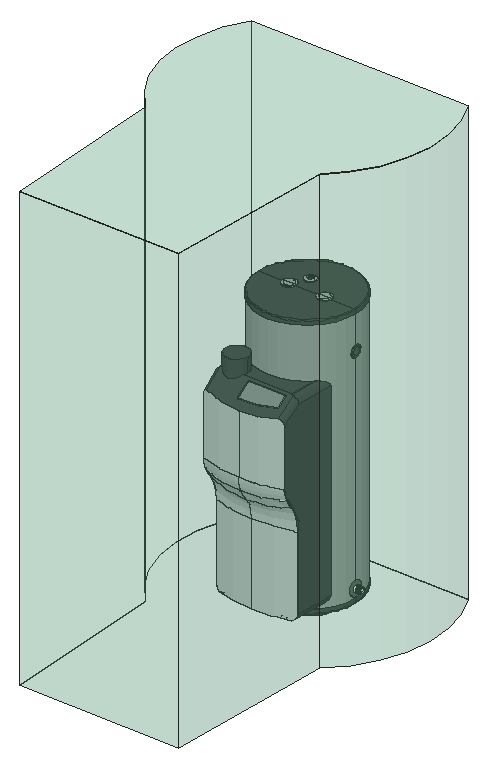
Revit family "Innovo NL_IR 20 160 NL LP", category Mechanical Equipment, Revit 2015
Parameters (values of type "IR-20-160 NL LP")
  Werkruimte Radius = Diameter + 170 mm  # 730 mm
  Werkruimte Hoogte = Hoogte + 1000 mm  # 2545 mm
  Werkruimte Afstand Voor = 1000 mm
  Werkruimte [instance] = yes
  Voorzorgsmaatregelen tijdens montage, installatie of onderhoud = "zie Gebruikers, Installatie, Service en Onderhouds handleiding"  # constant formula
  Voltage = 230 V  # constant formula
  Verpakkingslengte = 946 mm  # constant formula
  Verpakkingshoogte = 1695 mm
  Verpakkingsbreedte = 786 mm  # constant formula
  Uitsluitend werkend in daluren = no
  Type aanduiding = "IR-20-200"
  Transportgewicht = 122 kg
  Totaal Gewicht = 322 kg
  Stilstandsverlies - dagelijks (24u) = 0 W
  Stilstandsverlies = 0 W
  Standaard Afgesteld op = "G30/G31"
  Stand Regelthermostaat = 65 °C  # constant formula
  Soort Verpakking = "Karton en Hout"  # constant formula
  Slimme controlefunctie = no
  Setpoint thermostaat = 65 °C  # constant formula
  Seizoens Rendement (Hs) = [Rendement (Hs, vlgs. NEN-EN 89 - 1999)]  # 95
  Rendement (Hs, vlgs. NEN-EN 89 - 1999) = 95
  Rendement (Hi, vlgs. NEN-EN 89 - 1999) = 106
  Produktspecificaties Link = ""
  Produkthandleiding Link = ""
  Produkt Model Nummer (EAN-nummer) = "8717449283919"
  Onderhoudsinterval = "12 maanden"  # constant formula
  Nominale Belasting (Onderwaarde) = "20500.0/18000.0"
  Nominale Belasting (Bovenwaarde) = "21200.0/19600.0"
  Nominaal Vermogen = "21200.0/18700.0"
  NOx-uitstoot mg/kWh = "64.0/30.0"
  NOx-uitstoot (lucht vrij, 0% O2) ppm = "39.0/18.0"
  Min. Stand Regelthermostaat = 40 °C  # constant formula
  Max. Werkdruk = 800000.0 Pa
  Max. Stand Regelthermostaat = 85 °C  # constant formula
  Max. Rookgastemperatuur = 61 °C
  Ledig Gewicht = 106 kg
  Kraan Hoogte 02 = if(and(Hoogte = 1745 mm, Diameter = 675 mm), 1518 mm, if(and(Hoogte = 1745 mm, Diameter = 610 mm), 1534 mm, if(Hoogte = 1545 mm, 1328 mm, 1070 mm)))  # 1328 mm
  Kraan Hoogte 01 = if(and(Diameter > 560 mm), 693 mm, 604 mm)  # 604 mm
  Uitschakeldruk LDS < = 115.0 Pa
  URL = "www.aosmith.nl"
  Tapcapaciteit bij ΔT = 70°C  na 90 min. = 490.0 L
  Tapcapaciteit bij ΔT = 70°C  na 60 min. = 370.0 L
  Tapcapaciteit bij ΔT = 70°C  na 30 min. = 250.0 L
  Tapcapaciteit bij ΔT = 70°C  na 120 min. = 610.0 L
  Tapcapaciteit bij ΔT = 55°C  na 90 min. = 640.0 L
  Tapcapaciteit bij ΔT = 55°C  na 60 min. = 490.0 L
  Tapcapaciteit bij ΔT = 55°C  na 30 min. = 340.0 L
  Tapcapaciteit bij ΔT = 55°C  na 120 min. = 790.0 L
  Tapcapaciteit bij ΔT = 50°C  na 90 min. = 710.0 L
  Tapcapaciteit bij ΔT = 50°C  na 60 min. = 540.0 L
  Tapcapaciteit bij ΔT = 50°C  na 30 min. = 380.0 L
  Tapcapaciteit bij ΔT = 50°C na 120 min. = 870.0 L
  Tapcapaciteit bij ΔT = 44°C na 120 min. = 810.0 L
  Tapcapaciteit bij ΔT = 44°C  na 90 min. = 620.0 L
  Tapcapaciteit bij ΔT = 44°C  na 60 min. = 430.0 L
  Tapcapaciteit bij ΔT = 44°C  na 30 min. = 990.0 L
  Tapcapaciteit bij ΔT = 28°C na 90 min. = 1300.0 L
  Tapcapaciteit bij ΔT = 28°C na 60 min. = 990.0 L
  Tapcapaciteit bij ΔT = 28°C na 30 min. = 700.0 L
  Tapcapaciteit bij ΔT = 28°C na 120 min. = 1600.0 L
  Tapcapaciteit Continu bij ΔT = 70°C = 240.0 L/s
  Tapcapaciteit Continu bij ΔT = 55°C = 300.0 L/s
  Tapcapaciteit Continu bij ΔT = 50°C = 330.0 L/s
  Tapcapaciteit Continu bij ΔT = 44°C = 380.0 L/s
  Tapcapaciteit Continu bij ΔT = 28°C = 590.0 L/s
  Opwarmtijd bij ΔT = 70°C = "42"
  Opwarmtijd bij ΔT = 55°C = "33"
  Opwarmtijd bij ΔT = 50°C = "30"
  Opwarmtijd bij ΔT = 44°C = "27"
  Opwarmtijd bij ΔT = 28°C = "17"
  Model = "IR-20-200 NL LP"
  Manufacturer = "A.O. Smith Water Products Company b.v."  # constant formula
  Length = 780 mm  # constant formula
  Jaarlijks elektriciteitsverbruik (2) = "42 kWh"
  Jaarlijks elektriciteitsverbruik (1) = "40 kWh"
  Jaarlijks brandstofverbruik (2) = "21 GJ GCV"
  Jaarlijks brandstofverbruik (1) = "16 GJ GCV"
  Isolatiedikte = 50 mm
  Installatie Typen = "B23/C13/C33/C43/C53/C63"  # constant formula
  Inhoud = 200.0 L
  Hoogte Warm Water Uitlaat = 1545 mm
  Hoogte Rookgasafvoer = 1305 mm
  Hoogte Lucht Inlaat = 1305 mm
  Hoogte Koud Water Inlaat = 170 mm
  Hoogte Gas Aansluiting = 860 mm
  Hoogte = 1545 mm
  Handelsmerk = "A.O. Smith"  # constant formula
  Geluidsniveau dB (A) = "<45"  # constant formula
  Geluidsniveau binnen = "52 dB"
  Gasverbruik - Volume ltr/hr = "n.v.t."
  Gasverbruik - Massa kg/h = "1.60/1.40"
  Gascategorie = "II2EK3B/P"  # constant formula
  Gas Voordruk = 5000.0 Pa
  Gas Aansluiting = 15"  # constant formula
  Garrantie op Tank = "36 maanden"  # constant formula
  Garrantie op Onderdelen = "12 maanden"  # constant formula
  Frequentie = 50 Hz  # constant formula
  Fase = 1
  Fabrikantnummer = "E 7110"  # constant formula
  Energie-efficiëntieklasse voor waterverwarming (2) = "A"
  Energie-efficiëntieklasse voor waterverwarming (1) = "A"  # constant formula
  Energie-efficiëntie voor waterverwarming (2) = "90%"
  Energie-efficiëntie voor waterverwarming (1) = "91%"
  Elektrisch Vermogen (piek) = 85 W
  Elektrisch Vermogen (nominaal) = 36 W
  Diameter Schoorsteen - parallel systeem = "2x80"  # constant formula
  Diameter Schoorsteen - concentrisch systeem = "80/125 mm/mm"  # constant formula
  Diameter Schoorsteen - boiler = "80/125 mm/mm"  # constant formula
  Diameter = 560 mm
  Description = "Condenserende Hoog Rendementsboiler"  # constant formula
  Created By = "http://www.cadcompany.nl/"
  Capaciteitsprofiel = "XL"
  CO2-uitstoot (tol. +/- 1.0) vol% = "11.8/10.0"
  CE-PIN = "0063CQ3037"  # constant formula
  Breedte = Diameter  # 560 mm
  Bestemming / Land = "Nederland"  # constant formula
  BIM Content Developer = "CAD & Company"  # constant formula
  Assembly Code = "D3010"
  Ander capaciteitsprofiel = "XXL"
  Aansluiting Warm Water = 3/4"
  Aansluiting T&P = 3/4"
  Aansluiting Koud Water = 3/4"  # constant formula
  Aansluiting Condensafvoer = 40 mm  # constant formula
  Aansluiting Aftapkraan = 3/4"  # constant formula
  2e Onderhoud (algeheel onderhoud) = "12 maanden na installatie"  # constant formula
  1e Onderhoud (check-up) = "3 maanden na installatie"  # constant formula
Reference planes
  plane 1 "Center (Front/Back)": y = 0
  plane 2: z = 0
  plane 3 "Center (Left/Right)": x = 0
  plane 4 "Pipe": through (-383.901, 912.349, 194.799) normal (-0.0879, -0.0879, 0.9923)
  plane 5 "footing": y = 118.925
  plane 6 "footing front": y = -237.85
  plane 7: x = -280
  plane 8: x = 280
  plane 9: z = 1545
Forms (mm)
  Revolve 1, solid, material "RAL 9005", detail levels medium+fine
    sketch origin (0, -237.85, 0) x (-1, 0, 0) y (0, 0, 1)
      loop
        line (0, 28.9) -> (-15, 28.9) -> (-15, 26.4) -> (-8.671, 26.4) -> (-8.671, 18) -> (-5.686, 18) -> (-6.626, 17.06) -> (-6.626, 12.06) -> (-8.671, 12.06) -> (-8.671, 10) -> (-10.031, 10) -> (-23.271, 5.181)
        arc (-23.271, 5.181) -> (-23.763, 4.836) -> (-24.017, 4.293) r 1.159
        line (-24.017, 4.293) -> (-24.017, 1.03)
        arc (-24.017, 1.03) -> (-23.715, 0.302) -> (-22.986, 0) r 1.03
        line (-22.986, 0) -> (0, 0) -> (0, 28.9)
      axis (0, 28.9) -> (0, 0)
    angle from 0 to 360
  Revolve 2, solid, material "RAL 9005", detail levels medium+fine
    sketch origin (0, 118.925, 0) x (-1, 0, 0) y (0, 0, 1)
      loop
        line (-180.984, 28.9) -> (-195.984, 28.9) -> (-195.984, 26.4) -> (-189.655, 26.4) -> (-189.655, 18) -> (-186.67, 18) -> (-187.61, 17.06) -> (-187.61, 12.06) -> (-189.655, 12.06) -> (-189.655, 10) -> (-191.015, 10) -> (-204.256, 5.181)
        arc (-204.256, 5.181) -> (-204.747, 4.836) -> (-205.001, 4.293) r 1.159
        line (-205.001, 4.293) -> (-205.001, 1.03)
        arc (-205.001, 1.03) -> (-204.699, 0.302) -> (-203.971, 0) r 1.03
        line (-203.971, 0) -> (-180.984, 0) -> (-180.984, 28.9)
      axis (-180.984, 28.9) -> (-180.984, 0)
    angle from 0 to 360
  Revolve 3, solid, material "RAL 9005", detail levels medium+fine
    sketch origin (0, 118.925, 0) x (-1, 0, 0) y (0, 0, 1)
      loop
        line (179.016, 28.9) -> (164.016, 28.9) -> (164.016, 26.4) -> (170.345, 26.4) -> (170.345, 18) -> (173.33, 18) -> (172.39, 17.06) -> (172.39, 12.06) -> (170.345, 12.06) -> (170.345, 10) -> (168.985, 10) -> (155.744, 5.181)
        arc (155.744, 5.181) -> (155.253, 4.836) -> (154.999, 4.293) r 1.159
        line (154.999, 4.293) -> (154.999, 1.03)
        arc (154.999, 1.03) -> (155.301, 0.302) -> (156.029, 0) r 1.03
        line (156.029, 0) -> (179.016, 0) -> (179.016, 28.9)
      axis (179.016, 28.9) -> (179.016, 0)
    angle from 0 to 360
Lines and regions (mm)
  symbolic lines
    curve 1: line (0, 280.06, 0) -> (0, -280.06, 0)
    curve 2: line (-255.06, 0, 0) -> (255.06, 0, 0)
  symbolic lines, style "Workspace"
    curve 3: line (623.261, 380.06, 0) -> (-623.261, 380.06, 0)
    curve 4: arc (-623.261, 380.06, 0) -> (-726.942, -66.745, 0) -> (-543.632, -487.2, 0) r 730
    curve 5: line (-543.632, -487.2, 0) -> (-396.783, -1492.825, 0)
    curve 6: line (-396.783, -1492.825, 0) -> (399.03, -1492.825, 0)
    curve 7: line (399.03, -1492.825, 0) -> (545.76, -484.816, 0)
    curve 8: arc (545.76, -484.816, 0) -> (727.087, -65.154, 0) -> (623.261, 380.06, 0) r 730
Dimensions and locks
  plane 5 "footing" to plane 1 "Center (Front/Back)" = 118.925 mm
  plane 1 "Center (Front/Back)" to plane 6 "footing front" = 237.85 mm
  "Diameter": plane 7 to plane 8
  equal spacing: plane 7, plane 3 "Center (Left/Right)", plane 8
  "Hoogte": plane 9 to plane 2
  "Werkruimte Afstand Voor": curve 6 to nested 3
  "Werkruimte Radius": radius of curve 4
  "Werkruimte Radius": radius of curve 8
  aligned and locked: level to plane 2
  aligned and locked: nested 3 to Revolve 1 sketch curve
  aligned and locked: plane 3 "Center (Left/Right)" to Revolve 1 sketch curve
  aligned and locked: nested 3 to plane 1 "Center (Front/Back)"
  aligned and locked: plane 3 "Center (Left/Right)" to nested 3
  aligned and locked: nested 1 to plane 8
  aligned and locked: nested 5 to plane 8
  aligned and locked: nested 2 to plane 7
  aligned and locked: nested 4 to plane 7
  aligned and locked: nested 7 to plane 7
  aligned and locked: nested 8 to plane 3 "Center (Left/Right)"
  aligned and locked: curve 3 to nested 8
  aligned and locked: nested 8 to nested 3
Automatic sketch dimensions
  Revolve 1 sketch curve to level = 0 mm
  plane 3 "Center (Left/Right)" to Revolve 1 sketch curve = 5.686 mm
  Revolve 1 sketch curve to Revolve 1 sketch curve = 0.94 mm  (x2)
  Revolve 1 sketch curve to Revolve 1 sketch curve = 2.046 mm  (x2)
  Revolve 1 sketch curve to Revolve 1 sketch curve = 1.359 mm
  Revolve 1 sketch curve to Revolve 1 sketch curve = 6.329 mm
  level to Revolve 1 sketch curve = 4.091 mm
  Revolve 1 sketch curve to Revolve 1 sketch curve = 12.844 mm
  level to Revolve 1 sketch curve = 1.03 mm
  Revolve 1 sketch curve to Revolve 1 sketch curve = 0.111 mm
  level to Revolve 1 sketch curve = 5.181 mm
  Revolve 1 sketch curve to Revolve 1 sketch curve = 0.745 mm
  level to Revolve 1 sketch curve = 10 mm
  Revolve 1 sketch curve to Revolve 1 sketch curve = 2.06 mm
  Revolve 1 sketch curve to Revolve 1 sketch curve = 5 mm
  Revolve 1 sketch curve to Revolve 1 sketch curve = 8.4 mm
  Revolve 1 sketch curve to Revolve 1 sketch curve = 2.5 mm
  Revolve 1 sketch curve to level = 19.635 mm
  Revolve 1 sketch curve to Revolve 1 sketch curve = 46.465 mm
  Revolve 2 sketch curve to level = 0 mm
  level to Revolve 2 sketch curve = 1.03 mm
  Revolve 2 sketch curve to plane 8 = 74.999 mm
  level to Revolve 2 sketch curve = 5.181 mm
  Revolve 2 sketch curve to Revolve 2 sketch curve = 0.745 mm
  Revolve 2 sketch curve to Revolve 2 sketch curve = 0.397 mm
  Revolve 2 sketch curve to Revolve 2 sketch curve = 8.271 mm
  Revolve 2 sketch curve to Revolve 2 sketch curve = 13.241 mm
  Revolve 2 sketch curve to Revolve 2 sketch curve = 1.359 mm
  Revolve 2 sketch curve to Revolve 2 sketch curve = 6.329 mm
  Revolve 2 sketch curve to Revolve 2 sketch curve = 2.046 mm
  level to Revolve 2 sketch curve = 18 mm
  Revolve 2 sketch curve to Revolve 2 sketch curve = 0.94 mm  (x2)
  Revolve 2 sketch curve to Revolve 2 sketch curve = 8.671 mm
  Revolve 2 sketch curve to Revolve 2 sketch curve = 1.089 mm
  Revolve 2 sketch curve to Revolve 2 sketch curve = 8 mm
  Revolve 2 sketch curve to Revolve 2 sketch curve = 2.06 mm
  Revolve 2 sketch curve to Revolve 2 sketch curve = 8.4 mm
  Revolve 2 sketch curve to Revolve 2 sketch curve = 2.5 mm
  Revolve 2 sketch curve to Revolve 2 sketch curve = 0 mm
  Revolve 2 sketch curve to level = 19.635 mm
  Revolve 2 sketch curve to Revolve 2 sketch curve = 46.465 mm
  Revolve 3 sketch curve to level = 0 mm
  level to Revolve 3 sketch curve = 1.03 mm
  Revolve 3 sketch curve to plane 7 = 125.001 mm
  level to Revolve 3 sketch curve = 5.181 mm
  Revolve 3 sketch curve to Revolve 3 sketch curve = 0.745 mm
  Revolve 3 sketch curve to Revolve 3 sketch curve = 0.397 mm
  Revolve 3 sketch curve to Revolve 3 sketch curve = 8.271 mm
  Revolve 3 sketch curve to Revolve 3 sketch curve = 13.241 mm
  Revolve 3 sketch curve to Revolve 3 sketch curve = 1.359 mm
  Revolve 3 sketch curve to Revolve 3 sketch curve = 6.329 mm
  Revolve 3 sketch curve to Revolve 3 sketch curve = 2.046 mm
  level to Revolve 3 sketch curve = 18 mm
  Revolve 3 sketch curve to Revolve 3 sketch curve = 0.94 mm  (x2)
  Revolve 3 sketch curve to Revolve 3 sketch curve = 8.671 mm
  Revolve 3 sketch curve to Revolve 3 sketch curve = 1.089 mm
  Revolve 3 sketch curve to Revolve 3 sketch curve = 8 mm
  Revolve 3 sketch curve to Revolve 3 sketch curve = 2.06 mm
  Revolve 3 sketch curve to Revolve 3 sketch curve = 8.4 mm
  Revolve 3 sketch curve to Revolve 3 sketch curve = 2.5 mm
  Revolve 3 sketch curve to Revolve 3 sketch curve = 0 mm
  Revolve 3 sketch curve to level = 19.635 mm
  Revolve 3 sketch curve to Revolve 3 sketch curve = 46.465 mm
  curve 4 to curve 8 = 0 mm  (x2)
  plane 1 "Center (Front/Back)" to curve 2 = 0 mm
  curve 1 to plane 3 "Center (Left/Right)" = 0 mm
  plane 1 "Center (Front/Back)" to curve 4 = 0 mm
  curve 4 to plane 3 "Center (Left/Right)" = 0 mm
  curve 5 to plane 6 "footing front" = 249.35 mm
  plane 7 to curve 5 = 116.783 mm
  plane 8 to curve 7 = 119.03 mm
  curve 7 to plane 6 "footing front" = 246.966 mm
  curve 2 to plane 7 = 24.94 mm
  curve 2 to plane 8 = 24.94 mm
  curve 1 to plane 6 "footing front" = 42.21 mm
  plane 5 "footing" to curve 1 = 161.135 mm
Nested families
  nested 1: "Valve" at (280, -0.38, 1328) x (0, 1, 0) z (0, 0, 1), built-in parameter 1001364 <- "Kraan Hoogte 02", type "Valve"
  nested 2: "Drain Valve" at (-280, 0, 1328), built-in parameter 1001364 <- "Kraan Hoogte 02", type "Drain Valve"
  nested 3: "Housing Mother Housing S 57 (external)" at (0, -274.886, 0), type "Housing Mother_Housing S_57"
  nested 4: "Drain Valve" at (-280, 0, 177), type "Drain Valve"
  nested 5: "Drain Valve" at (280, 0, 107) x (-1, 0, 0) z (0, 0, 1), type "Drain Valve"
  nested 6: "Boiler" at (0, 0, 0), height <- "Hoogte", type "Boiler"
    with height 1545 mm
  nested 7: "Drain Valve" at (-280, 0, 604), built-in parameter 1001364 <- "Kraan Hoogte 01", type "Drain Valve"
  nested 8: "Innovo_workspace" at (0, 0, 0), Workspace <- "Werkruimte", Workspace Distance Front <- "Werkruimte Afstand Voor", Workspace Height <- "Werkruimte Hoogte", Workspace Radius <- "Werkruimte Radius", type "Workspace"
    with Workspace Radius 730 mm, Workspace Height 2545 mm, Workspace Distance Front 1000 mm, Workspace yes, Center to Front 492.825 mm
Connectors
  piping at (314.826, 0, 107), diameter 19.05, driven by "Aansluiting Aftapkraan"
    settings: on nested 5, index 1, connector inside diameter 24", connector length 0 mm, flow factor 0, pipe flow 0.0 L/s, pressure drop 0.0 Pa, fitting loss kfactor 0, connector angle 0.00°, fixture units 0, engagement length 0 mm, angle of deflection 0.00°, flow configuration 0, flow direction 0, fitting loss method 0, system type 19, joint type 0, gender type 0, connector reference index -1, connector utility 0, adjustable connector no, is connector primary yes, connector description ""
  hvac at (-147.013, -321.326, 1310.674)
    settings: on nested 3, index 2, duct flow 0.0 L/s, flow factor 0, pres drop 0.0 Pa, loss coef 0, conn angle 0.00°, conn width 304.8 mm, conn height 304.8 mm, conn diameter 125 mm, duct sys type 4, conn prof type 0, flow config 0, flow direction 0, loss method 0, conn ref index -1, conn util no, is conn primary yes, conn desc ""
Definition of nested family "Valve"
  Parameters (values of type "Valve")
    Type Comments = "T&P valve (internal)"
    Manufacturer = "A.O. Smith"
  Reference planes
    plane 1 "Center (Front/Back)": y = 0
    plane 2: z = 0
    plane 3 "Center (Left/Right)": x = 0
  Forms (mm)
    Extrusion 1, solid, detail levels fine
      sketch origin (0, 0, 0) x (1, 0, 0) y (0, 0, 1)
        loop
          circle (0, 0) r 31.5
      from -2.271 to 1.4
    Sweep 2, solid, detail levels fine
      path origin (0, -1.4, 0) x (1, 0, 0) y (0, 0, 1)
        loop
          circle (0, 0) r 31.5
      profile origin (0, -1.4, 31.5) x (0, 0, -1) y (0, -1, 0)
        loop
          line (7.3, 0) -> (7.3, 3) -> (0, 0) -> (7.3, 0)
  Dimensions and locks
    aligned and locked: level to plane 2
Definition of nested family "Drain Valve"
  Reference planes
    plane 1 "Center (Front/Back)": y = 0
    plane 2: z = 0
    plane 3 "Center (Left/Right)": x = 0
  Forms (mm)
    Revolve 1, solid, detail levels medium+fine
      sketch origin (0, 0, 0) x (1, 0, 0) y (0, 0, 1)
        loop
          line (-33.442, 15.696) -> (-34.826, 14.329) -> (-34.93, 12.731) -> (-16.555, 12.731) -> (-16.555, 0) -> (15.787, 0) -> (15.787, 18.3) -> (-14.4, 18.3) -> (-17.148, 15.533) -> (-18.729, 16.697) -> (-20.091, 15.333) -> (-21.672, 16.496) -> (-23.034, 15.133) -> (-24.614, 16.296) -> (-25.976, 14.932) -> (-27.557, 16.096) -> (-28.919, 14.732) -> (-30.5, 15.896) -> (-31.862, 14.532) -> (-33.442, 15.696)
        axis (-34.93, 0) -> (15.787, 0)
      angle from 0 to 360
  Dimensions and locks
    aligned and locked: level to plane 2
  Nested families
    nested 1: "Rubber sealing" at (2.592, -0.155, 0) x (0.0023, -1, 0) z (0, 0, 1), type "Rubber sealing", detail levels fine
  Definition of nested family "Rubber sealing"
    Reference planes
      plane 1 "Center (Front/Back)": y = 0
      plane 2: z = 0
      plane 3 "Center (Left/Right)": x = 0
    Forms (mm)
      Extrusion 1, solid, detail levels fine
        sketch origin (141.861, 319.581, 0) x (1, 0, 0) y (0, 1, 0)
          loop
            line (-216.354, -311.898) -> (-216.354, -313.94)
            arc (-216.354, -313.94) -> (-141.602, -321.581) -> (-66.861, -313.835) r 366.966
            line (-66.861, -313.835) -> (-66.861, -311.791)
            arc (-66.861, -311.791) -> (-141.602, -319.581) -> (-216.354, -311.898) r 364.966
        from -80 to 80
      Extrusion 2, void
        sketch origin (141.861, 319.581, 0) x (1, 0, 0) y (0, 0, 1)
          loop
            circle (-141.861, 0) r 13
          loop
            circle (-141.861, 0) r 110
          loop
            circle (-141.861, 0) r 40
        from 311.563 to 332.684
      Extrusion 3, void
        sketch origin (141.861, 319.581, 0) x (1, 0, 0) y (0, 0, 1)
          loop
            circle (-141.861, 0) r 18.25
        from 315.524 to 326.084
    Cuts and joins
      Extrusion 2, Extrusion 3 cuts Extrusion 1
    Dimensions and locks
      aligned and locked: level to plane 2
Definition of nested family "Housing Mother Housing S 57 (external)"
  Parameters (values of type "Housing Mother_Housing S_57")
    radius [instance] = 280 mm
    distance to boiler center = if(diameter = 675 mm, 189 mm, if(diameter = 610 mm, 154 mm, 129 mm))  # 129 mm
    diameter = 560 mm
  Reference planes
    plane 1 "Center (Front/Back)": y = 0
    plane 2: z = 0
    plane 3 "Center (Left/Right)": x = 0
    plane 4 "left": through (-245.286, 145.886, 1200) normal (0.9994, 0.0349, 0)
    plane 5: y = -217.939
    plane 6: y = 145.886
    plane 7: z = 1232.6
    plane 8: z = 65.89
    plane 9 "right": through (245.286, 145.886, 1200) normal (0.9994, -0.0349, 0)
    plane 10 "display": through (0, -90.37, 1221.196) normal (0, -0.5736, 0.8192)
    plane 11 "Potentiostat": z = 867.899
    plane 12 "boiler center": y = 274.886
    plane 13: x = -280
    plane 14: x = 280
  Forms (mm)
    Extrusion 1, solid
      sketch origin (0, 0, 0) x (1, 0, 0) y (0, 1, 0)
        loop
          line (-245.286, 145.886) -> (-232.581, -217.939) -> (232.581, -217.939) -> (245.286, 145.886)
          arc (245.286, 145.886) -> (0, 0.923) -> (-245.286, 145.886) r 280
      from 0 to 1232.6
    Sweep 2, void
      path origin (0, 0, 0) x (0, 1, 0) y (0, 0, 1)
        loop
          line (-217.939, 1232.6) -> (-217.939, 795.555)
          arc (-217.939, 795.555) -> (-212.387, 754.285) -> (-197.694, 715.322) r 183.924
          arc (-197.694, 715.322) -> (-179.915, 684.628) -> (-159.106, 655.901) r 348.284
          arc (-159.106, 655.901) -> (-131.411, 600.328) -> (-121.88, 538.973) r 202.254
          line (-121.88, 538.973) -> (-121.88, 61.106)
      profile origin (0, -217.939, 1014.077) x (1, 0, 0) y (0, 1, 0)
        loop
          arc (0, 0) -> (-117.533, 9.941) -> (-231.728, 39.475) r 699.984
          arc (-231.728, 39.475) -> (-233.391, 40.705) -> (-234.07, 42.659) r 3.505
          line (-234.07, 42.659) -> (-254.062, 42.659) -> (-254.062, -142.593) -> (254.07, -142.593) -> (254.07, 42.659) -> (234.07, 42.659)
          arc (234.07, 42.659) -> (233.391, 40.705) -> (231.728, 39.475) r 3.505
          arc (231.728, 39.475) -> (117.533, 9.941) -> (0, 0) r 699.984
    Extrusion 3, void
      sketch origin (0, 0, 0) x (0, 1, 0) y (0, 0, 1)
        loop
          arc (102.864, 70.869) -> (99.804, 70.709) -> (96.874, 69.813) r 12.57
          arc (96.874, 69.813) -> (87.878, 66.533) -> (78.516, 64.529) r 69.114
          arc (78.516, 64.529) -> (76.41, 64.284) -> (74.294, 64.148) r 41.206
          arc (74.294, 64.148) -> (65.203, 64.335) -> (56.122, 64.782) r 318.661
          arc (56.122, 64.782) -> (30.585, 66.179) -> (5.028, 67.128) r 1456.581
          line (5.028, 67.128) -> (-84.534, 73.135)
          arc (-84.534, 73.135) -> (-86.363, 73.808) -> (-87.536, 75.365) r 3.455
          line (-87.536, 75.365) -> (-264.473, 75.365) -> (-264.473, 0) -> (160.886, 0) -> (160.886, 103.945) -> (145.886, 103.945)
          arc (145.886, 103.945) -> (145.104, 97.827) -> (142.923, 92.059) r 26.364
          arc (142.923, 92.059) -> (141.067, 88.936) -> (138.867, 86.045) r 31.715
          arc (138.867, 86.045) -> (135.576, 82.49) -> (132.021, 79.2) r 62.615
          arc (132.021, 79.2) -> (125.841, 74.697) -> (119.091, 71.103) r 54.444
          arc (119.091, 71.103) -> (116.371, 70.272) -> (113.531, 70.123) r 11.669
          line (113.531, 70.123) -> (102.864, 70.869)
      from -254.062 to 254.07
    Sweep 4, void
      path origin (0, 0, 0) x (1, 0, 0) y (0, 1, 0)
        loop
          line (-245.286, 145.886) -> (-232.581, -217.939)
      profile origin (-238.933, -36.027, 0) x (0.999391, 0.034899, 0) y (0, 0, 1)
        loop
          line (-4.454, 0) -> (47.084, 0) -> (47.084, 73.431)
          arc (47.084, 73.431) -> (14.222, 85.134) -> (0.255, 117.1) r 43.922
          line (0.255, 117.1) -> (-4.454, 117.1) -> (-4.454, 0)
    Sweep 5, void
      path origin (0, 0, 0) x (-1, 0, 0) y (0, 1, 0)
        loop
          line (-245.286, 145.886) -> (-232.581, -217.939)
      profile origin (238.933, -36.027, 0) x (0.999391, -0.034899, 0) y (0, 0, 1)
        loop
          line (4.454, 0) -> (4.454, 117.1) -> (-0.255, 117.1)
          arc (-0.255, 117.1) -> (-14.222, 85.134) -> (-47.084, 73.431) r 43.922
          line (-47.084, 73.431) -> (-47.084, 0) -> (4.454, 0)
    Sweep 6, void
      path origin (-239.899, -8.377, 0) x (-0.034899, 0.999391, 0) y (0, 0, 1)
        loop
          line (-209.69, 1141.272) -> (-79.18, 1232.6) -> (154.358, 1232.6)
      profile origin (-241.211, 29.188, 1232.6) x (0, 0, 1) y (0.999391, 0.034899, 0)
        loop
          line (-45, -30) -> (75, -30) -> (75, 0) -> (75, 55) -> (2.799, 55) -> (-1.253, 35.128)
          arc (-1.253, 35.128) -> (-16.771, 9.564) -> (-45, -0.308) r 44.287
          line (-45, -0.308) -> (-45, -30)
    Sweep 7, void
      path origin (239.899, -8.377, 0) x (0.034899, 0.999391, 0) y (0, 0, 1)
        loop
          line (-209.69, 1141.272) -> (-79.18, 1232.6) -> (154.358, 1232.6)
      profile origin (241.211, 29.188, 1232.6) x (0, 0, -1) y (-0.999391, 0.034899, 0)
        loop
          line (-75, -25) -> (45, -25) -> (45, -0.308)
          arc (45, -0.308) -> (16.771, 9.564) -> (1.253, 35.128) r 44.287
          line (1.253, 35.128) -> (-2.799, 55) -> (-75, 55) -> (-75, -25)
    Extrusion 8, void
      sketch origin (0, 0, 0) x (0, 1, 0) y (0, 0, 1)
        loop
          line (-270, 1336.099) -> (-270, 1099.081) -> (68.497, 1336.099) -> (-270, 1336.099)
      from -425.038 to 444.42
    Extrusion 9, solid, detail levels medium+fine
      sketch origin (0, 0, 0) x (1, 0, 0) y (0, 1, 0)
        loop
          circle (-147.013, -46.44) r 65
      from 1163.174 to 1310.674
    Extrusion 10, void
      sketch origin (0, -603.506, 861.895) x (0, 0.819152, 0.573576) y (-1, 0, 0)
        loop
          arc (618.322, -173) -> (623.272, -170.95) -> (625.322, -166) r 7
          line (625.322, -166) -> (625.322, 35)
          arc (625.322, 35) -> (623.272, 39.95) -> (618.322, 42) r 7
          line (618.322, 42) -> (535.473, 42)
          arc (535.473, 42) -> (530.688, 40.11) -> (528.488, 35.46) r 7
          arc (528.488, 35.46) -> (531.569, -67.592) -> (554.18, -168.18) r 540
          arc (554.18, -168.18) -> (556.724, -171.668) -> (560.831, -173) r 7
          line (560.831, -173) -> (618.322, -173)
      from 0 to 137.286
    Sweep 11, solid, detail levels fine
      path origin (0, 0, 867.899) x (-1, 0, 0) y (0, -1, 0)
        loop
          line (309.749, -35.617) -> (204.371, -35.617)
          arc (204.371, -35.617) -> (196.509, -34.687) -> (189.082, -31.947) r 33.677
          line (189.082, -31.947) -> (-9.574, 69.274)
      profile origin (-257.06, 35.617, 867.899) x (0, 1, 0) y (0, 0, 1)
        loop
          circle (0, 0) r 7.316
        loop
          circle (0, 0) r 6.465
    Revolve 12, void
      sketch origin (0, 274.886, 0) x (-1, 0, 0) y (0, 0, 1)
        loop
          line (280, 1243.838) -> (0, 1243.838) -> (0, 54.9) -> (280, 54.9) -> (280, 1243.838)
        axis (0, 1243.838) -> (0, 54.9)
      angle from 0 to 360
  Cuts and joins
    Sweep 2, Extrusion 3, Sweep 4, Sweep 5, Sweep 6, Sweep 7, Extrusion 8, Extrusion 10, Revolve 12 cuts Extrusion 1
  Dimensions and locks
    plane 8 to plane 2 = 65.89 mm
    plane 7 to plane 8 = 1166.71 mm
    "distance to boiler center": plane 12 "boiler center" to plane 6
    "diameter": plane 14 to plane 13
    equal spacing: plane 14, plane 3 "Center (Left/Right)", plane 13
    "radius": plane 3 "Center (Left/Right)" to plane 13
    aligned and locked: level to plane 2
    aligned and locked: Extrusion 1 to plane 7
    aligned and locked: Extrusion 1 sketch curve to plane 5
    aligned and locked: Sweep 2 to Extrusion 3
    aligned and locked: Extrusion 3 to Sweep 2  (x2)
    aligned and locked: plane 7 to Sweep 2 sketch curve
    aligned and locked: plane 3 "Center (Left/Right)" to Revolve 12 sketch curve
    aligned and locked: Revolve 12 sketch curve to plane 3 "Center (Left/Right)"
    aligned and locked: plane 13 to Revolve 12 sketch curve
  Automatic sketch dimensions
    Extrusion 1 sketch curve to plane 4 "left" = 0 mm  (x2)
    Extrusion 1 sketch curve to plane 6 = 0 mm  (x2)
    Extrusion 1 sketch curve to plane 3 "Center (Left/Right)" = 0 mm
    Extrusion 1 sketch curve to plane 9 "right" = 0 mm
    plane 6 to Extrusion 1 sketch curve = 135.037 mm
    Sweep 2 sketch curve to plane 5 = 0 mm
    plane 5 to Sweep 2 sketch curve = 106.195 mm
    Sweep 2 sketch curve to plane 5 = 96.059 mm
    plane 1 "Center (Front/Back)" to Sweep 2 sketch curve = 34.053 mm
    plane 11 "Potentiostat" to Sweep 2 sketch curve = 6.417 mm
    Sweep 2 sketch curve to plane 6 = 33.705 mm
    Sweep 2 sketch curve to plane 11 "Potentiostat" = 68.615 mm
    Sweep 2 sketch curve to plane 11 "Potentiostat" = 72.345 mm
    Sweep 2 sketch curve to Sweep 2 sketch curve = 176.349 mm
    Sweep 2 sketch curve to Sweep 2 sketch curve = 0 mm  (x2)
    plane 8 to Sweep 2 sketch curve = 4.784 mm
    Extrusion 3 sketch curve to level = 0 mm
    Extrusion 3 sketch curve to plane 6 = 0 mm
    Extrusion 3 sketch curve to plane 6 = 26.363 mm
    Extrusion 3 sketch curve to Extrusion 3 sketch curve = 4.75 mm
    Extrusion 3 sketch curve to Extrusion 3 sketch curve = 5.179 mm
    Extrusion 3 sketch curve to plane 8 = 4.232 mm
    Extrusion 3 sketch curve to Extrusion 3 sketch curve = 0.814 mm
    Extrusion 3 sketch curve to plane 8 = 4.978 mm
    Extrusion 3 sketch curve to Extrusion 3 sketch curve = 10.667 mm
    Extrusion 3 sketch curve to Extrusion 3 sketch curve = 0.877 mm
    Extrusion 3 sketch curve to Extrusion 3 sketch curve = 17.827 mm
    Extrusion 3 sketch curve to Extrusion 3 sketch curve = 5.646 mm
    Extrusion 3 sketch curve to plane 6 = 69.562 mm
    Extrusion 3 sketch curve to Extrusion 3 sketch curve = 18.6 mm
    Extrusion 3 sketch curve to Extrusion 3 sketch curve = 22.538 mm
    Extrusion 3 sketch curve to plane 8 = 1.238 mm
    Extrusion 3 sketch curve to plane 1 "Center (Front/Back)" = 5.028 mm
    plane 1 "Center (Front/Back)" to Extrusion 3 sketch curve = 36.224 mm
    Extrusion 3 sketch curve to plane 8 = 10.692 mm
    plane 1 "Center (Front/Back)" to Extrusion 3 sketch curve = 84.302 mm
    Extrusion 3 sketch curve to plane 8 = 7.244 mm
    Extrusion 3 sketch curve to Extrusion 3 sketch curve = 0.231 mm
    Extrusion 3 sketch curve to Extrusion 3 sketch curve = 3.234 mm
    plane 5 to Extrusion 3 sketch curve = 46.534 mm
    plane 6 to Extrusion 3 sketch curve = 15 mm
    Extrusion 3 sketch curve to level = 1388.869 mm
    plane 8 to Extrusion 3 sketch curve = 7.561 mm
    Extrusion 3 sketch curve to Extrusion 3 sketch curve = 11.64 mm
    Extrusion 3 sketch curve to plane 8 = 38.054 mm
    Extrusion 3 sketch curve to Extrusion 3 sketch curve = 22.442 mm
    Extrusion 3 sketch curve to plane 8 = 39.432 mm
    Extrusion 3 sketch curve to Extrusion 3 sketch curve = 2.466 mm
    Extrusion 3 sketch curve to Extrusion 3 sketch curve = 14.17 mm
    Extrusion 3 sketch curve to Extrusion 3 sketch curve = 5.925 mm
    Extrusion 3 sketch curve to Extrusion 3 sketch curve = 6.186 mm
    Extrusion 3 sketch curve to Extrusion 3 sketch curve = 249.85 mm
    Extrusion 3 sketch curve to Extrusion 3 sketch curve = 0 mm  (x4)
    Extrusion 3 sketch curve to Extrusion 3 sketch curve = 6.845 mm
    plane 8 to Extrusion 3 sketch curve = 1.743 mm
    Sweep 4 sketch curve to plane 4 "left" = 0 mm  (x2)
    Sweep 4 sketch curve to plane 6 = 0 mm
    plane 5 to Sweep 4 sketch curve = 0 mm
    Sweep 4 sketch curve to level = 0 mm
    profile plane to Sweep 4 sketch curve = 4.454 mm
    Sweep 4 sketch curve to profile plane = 0.255 mm
    Sweep 4 sketch curve to Sweep 4 sketch curve = 43.922 mm
    Sweep 4 sketch curve to profile plane = 47.084 mm
    level to Sweep 4 sketch curve = 73.431 mm
    Sweep 4 sketch curve to Sweep 4 sketch curve = 43.669 mm
    Sweep 5 sketch curve to plane 6 = 0 mm
    Sweep 5 sketch curve to plane 9 "right" = 0 mm  (x2)
    plane 5 to Sweep 5 sketch curve = 0 mm
    Sweep 5 sketch curve to level = 0 mm
    profile plane to Sweep 5 sketch curve = 47.084 mm
    Sweep 5 sketch curve to Sweep 5 sketch curve = 2.907 mm
    profile plane to Sweep 5 sketch curve = 0.255 mm
    Sweep 5 sketch curve to profile plane = 4.454 mm
    level to Sweep 5 sketch curve = 73.431 mm
    Sweep 5 sketch curve to Sweep 5 sketch curve = 43.669 mm
    Sweep 6 sketch curve to plane 7 = 0 mm
    plane 7 to Sweep 6 sketch curve = 91.328 mm
    Sweep 6 sketch curve to Sweep 6 sketch curve = 130.509 mm
    Sweep 6 sketch curve to Sweep 6 sketch curve = 233.538 mm
    Sweep 6 sketch curve to plane 4 "left" = 0 mm
    profile plane to Sweep 6 sketch curve = 45 mm
    Sweep 6 sketch curve to Sweep 6 sketch curve = 0.354 mm
    profile plane to Sweep 6 sketch curve = 1.253 mm
    Sweep 6 sketch curve to profile plane = 2.799 mm
    Sweep 6 sketch curve to Sweep 6 sketch curve = 72.201 mm
    Sweep 6 sketch curve to plane 4 "left" = 0.308 mm
    Sweep 6 sketch curve to Sweep 6 sketch curve = 29.692 mm
    plane 4 "left" to Sweep 6 sketch curve = 35.128 mm
    plane 4 "left" to Sweep 6 sketch curve = 55 mm
    Sweep 7 sketch curve to plane 7 = 0 mm
    Sweep 7 sketch curve to plane 7 = 91.328 mm
    Sweep 7 sketch curve to Sweep 7 sketch curve = 130.509 mm
    Sweep 7 sketch curve to Sweep 7 sketch curve = 233.538 mm
    Sweep 7 sketch curve to plane 9 "right" = 25 mm
    profile plane to Sweep 7 sketch curve = 75 mm
    profile plane to Sweep 7 sketch curve = 2.799 mm
    Sweep 7 sketch curve to profile plane = 1.253 mm
    Sweep 7 sketch curve to Sweep 7 sketch curve = 43.393 mm
    Sweep 7 sketch curve to profile plane = 45 mm
    Sweep 7 sketch curve to plane 9 "right" = 0.308 mm
    plane 9 "right" to Sweep 7 sketch curve = 35.128 mm
    Sweep 7 sketch curve to Sweep 7 sketch curve = 19.872 mm
    plane 5 to Extrusion 8 sketch curve = 52.061 mm
    Extrusion 8 sketch curve to plane 1 "Center (Front/Back)" = 68.497 mm
    plane 7 to Extrusion 8 sketch curve = 133.519 mm
    Extrusion 8 sketch curve to plane 7 = 103.499 mm
    plane 1 "Center (Front/Back)" to Extrusion 9 sketch curve = 46.44 mm
    Extrusion 9 sketch curve to plane 3 "Center (Left/Right)" = 147.013 mm
    Extrusion 10 sketch curve to plane 3 "Center (Left/Right)" = 0 mm
    Extrusion 10 sketch curve to plane 3 "Center (Left/Right)" = 35 mm
    Extrusion 10 sketch curve to Extrusion 10 sketch curve = 25.359 mm
    Extrusion 10 sketch curve to Extrusion 10 sketch curve = 57.491 mm
    Extrusion 10 sketch curve to plane 3 "Center (Left/Right)" = 42 mm
    Extrusion 10 sketch curve to Extrusion 10 sketch curve = 82.85 mm
    Extrusion 10 sketch curve to Extrusion 10 sketch curve = 7 mm
    Extrusion 10 sketch curve to Extrusion 10 sketch curve = 442 mm
    plane 3 "Center (Left/Right)" to Extrusion 10 sketch curve = 166 mm
    Extrusion 10 sketch curve to Extrusion 10 sketch curve = 0 mm  (x2)
    Sweep 11 sketch curve to plane 1 "Center (Front/Back)" = 31.947 mm
    Sweep 11 sketch curve to plane 3 "Center (Left/Right)" = 189.082 mm
    Sweep 11 sketch curve to plane 1 "Center (Front/Back)" = 1.94 mm
    Sweep 11 sketch curve to Sweep 11 sketch curve = 15.289 mm
    plane 3 "Center (Left/Right)" to Sweep 11 sketch curve = 9.574 mm
    Sweep 11 sketch curve to Sweep 11 sketch curve = 105.378 mm
    plane 1 "Center (Front/Back)" to Sweep 11 sketch curve = 69.274 mm
    Sweep 11 sketch curve to Sweep 11 sketch curve = 0 mm  (x2)
    Sweep 11 sketch curve to plane 11 "Potentiostat" = 0 mm
    Sweep 11 sketch curve to profile plane = 0 mm
    plane 8 to Revolve 12 sketch curve = 10.99 mm
    Revolve 12 sketch curve to plane 7 = 11.238 mm
    Revolve 12 sketch curve to level = 366.045 mm
    Revolve 12 sketch curve to Revolve 12 sketch curve = 971.917 mm
    Sweep 2 sketch curve to plane 3 "Center (Left/Right)" = 0 mm
    profile plane to Sweep 2 sketch curve = 0 mm
    Sweep 2 sketch curve to plane 3 "Center (Left/Right)" = 0.016 mm
    Sweep 2 sketch curve to profile plane = 42.782 mm  (x2)
    Sweep 2 sketch curve to plane 3 "Center (Left/Right)" = 230.568 mm
    plane 3 "Center (Left/Right)" to Sweep 2 sketch curve = 0.016 mm
    plane 3 "Center (Left/Right)" to Sweep 2 sketch curve = 230.568 mm
    Sweep 2 sketch curve to Sweep 2 sketch curve = 3.502 mm  (x2)
    Sweep 2 sketch curve to Sweep 2 sketch curve = 20 mm
    profile plane to Sweep 2 sketch curve = 142.593 mm
    Sweep 2 sketch curve to Sweep 2 sketch curve = 0.122 mm  (x2)
    Sweep 2 sketch curve to Sweep 2 sketch curve = 657.203 mm
    Sweep 2 sketch curve to Sweep 2 sketch curve = 19.991 mm
    radius of Extrusion 9 sketch curve = 65 mm
    radius of Sweep 11 sketch curve = 7.316 mm
    radius of Sweep 11 sketch curve = 6.465 mm
  Nested families
    nested 1: "display" at (65.5, -130.939, 1192.79) x (-1, 0, 0) z (0, -0.5736, 0.8192), type "display"
  Definition of nested family "display"
    Parameters (values of type "display")
      Default Elevation = 1219.2 mm
    Reference planes
      plane 1 "Center (Front/Back)": y = 0
      plane 2: z = 0
      plane 3 "Center (Left/Right)": x = 0
    Forms (mm)
      Extrusion 1, solid, detail levels medium+fine
        sketch origin (-16.958, 11.842, -343.878) x (1, 0, 0) y (0, 0, -1)
          loop
            line (-233.523, -343.878) -> (-233.523, -346.592) -> (332.686, -346.592) -> (332.686, -343.878) -> (-233.523, -343.878)
        from -228.7 to 150.822
      Extrusion 2, void
        sketch origin (-16.958, 6.842, -343.878) x (1, 0, 0) y (0, 1, 0)
          loop
            line (-233.523, 155.822) -> (-233.523, -223.7) -> (332.686, -223.7) -> (332.686, 155.822) -> (-233.523, 155.822)
          loop
            arc (-90.542, -48.267) -> (-88.492, -53.216) -> (-83.542, -55.267) r 7
            line (-83.542, -55.267) -> (117.458, -55.267)
            arc (117.458, -55.267) -> (122.408, -53.216) -> (124.458, -48.267) r 7
            line (124.458, -48.267) -> (124.458, 34.583)
            arc (124.458, 34.583) -> (122.568, 39.368) -> (117.918, 41.568) r 7
            arc (117.918, 41.568) -> (14.866, 38.487) -> (-85.722, 15.876) r 540
            arc (-85.722, 15.876) -> (-89.21, 13.332) -> (-90.542, 9.224) r 7
            line (-90.542, 9.224) -> (-90.542, -48.267)
        from 328.878 to 363.083
    Cuts and joins
      Extrusion 2 cuts Extrusion 1
    Dimensions and locks
      aligned and locked: level to plane 2
Definition of nested family "Boiler"
  Parameters (values of type "Boiler")
    radius [instance] = 280 mm
    height [instance] = 1270 mm
    Diameter = 560 mm
  Reference planes
    plane 1 "Center (Front/Back)": y = 0
    plane 2: z = 0
    plane 3 "Center (Left/Right)": x = 0
    plane 4: z = 1243.838
    plane 5: z = 1270
    plane 6 "bottom": z = 28.9
    plane 7: z = 54.9
    plane 8 "top controle": y = 88
    plane 9: x = -280
    plane 10: x = 280
  Forms (mm)
    Revolve 1, solid
      sketch origin (0, 0, 0) x (1, 0, 0) y (0, 0, 1)
        loop
          line (0, 54.9) -> (-280, 54.9) -> (-280, 32.9)
          arc (-280, 32.9) -> (-278.828, 30.072) -> (-276, 28.9) r 4
          line (-276, 28.9) -> (0, 28.9) -> (0, 54.9)
        axis (0, 28.9) -> (0, 54.9)
      angle from 0 to 360
    Revolve 2, solid
      sketch origin (1.311, 0, 0) x (1, 0, 0) y (0, 0, 1)
        loop
          line (-278.86, 1243.838) -> (-278.86, 54.9) -> (-1.311, 54.9) -> (-1.311, 1243.838) -> (-278.86, 1243.838)
        axis (-1.311, 1243.838) -> (-1.311, 54.9)
      angle from 0 to 360
    Revolve 3, solid
      sketch origin (-9.205, 0, 377.212) x (-1, 0, 0) y (0, 0, 1)
        loop
          line (-148.904, 892.788) -> (-110.805, 892.788) -> (-110.805, 895.963) -> (-141.883, 895.963) -> (-148.904, 893.62) -> (-148.904, 892.788)
        axis (-110.805, 892.788) -> (-110.805, 895.963)
      angle from 0 to 360
    Revolve 4, solid
      sketch origin (0, 0, 718.065) x (1, 0, 0) y (0, 0, -1)
        loop
          line (0, -525.773) -> (-280, -525.773) -> (-280, -547.935)
          arc (-280, -547.935) -> (-278.828, -550.763) -> (-276, -551.935) r 4
          line (-276, -551.935) -> (0, -551.935) -> (0, -525.773)
        axis (0, -551.935) -> (0, -525.773)
      angle from 0 to 360
    Revolve 5, solid
      sketch origin (0, 88, 0) x (1, 0, 0) y (0, 0, 1)
        loop
          line (-19.051, 1270) -> (-19.051, 1271.074) -> (-32.63, 1275.604) -> (-32.63, 1271.117) -> (-37.266, 1271.117) -> (-38.383, 1270) -> (-19.051, 1270)
        axis (-50.8, 1270) -> (-50.8, 1275.604)
      angle from 0 to 360
    Revolve 6, solid
      sketch origin (-217.12, 0, 372.245) x (-1, 0, 0) y (0, 0, 1)
        loop
          line (-153.622, 897.755) -> (-115.52, 897.755) -> (-115.52, 900.93) -> (-146.626, 900.93) -> (-153.622, 898.596) -> (-153.622, 897.755)
        axis (-115.52, 897.755) -> (-115.52, 900.93)
      angle from 0 to 360
  Dimensions and locks
    "height": plane 5 to plane 2
    plane 6 "bottom" to plane 2 = 28.9 mm
    locked: plane 5 to plane 4 at 26.162
    locked: plane 1 "Center (Front/Back)" to plane 8 "top controle" at 88
    "Diameter": plane 10 to plane 9
    equal spacing: plane 10, plane 3 "Center (Left/Right)", plane 9
    "radius": plane 3 "Center (Left/Right)" to plane 9
    locked: plane 9 to Revolve 2 sketch curve at 2.452
    aligned and locked: level to plane 2
    aligned and locked: Revolve 2 sketch curve to plane 7
    aligned and locked: Revolve 2 sketch curve to plane 4
    aligned and locked: Revolve 1 sketch curve to plane 7
    aligned and locked: plane 6 "bottom" to Revolve 1 sketch curve
    aligned and locked: Revolve 4 sketch curve to plane 3 "Center (Left/Right)"
    aligned and locked: plane 5 to Revolve 4 sketch curve
    aligned and locked: Revolve 4 sketch curve to plane 4
    aligned and locked: plane 9 to Revolve 4 sketch curve
    aligned and locked: Revolve 1 sketch curve to plane 9
    aligned and locked: Revolve 2 sketch curve to plane 3 "Center (Left/Right)"
    aligned and locked: plane 3 "Center (Left/Right)" to Revolve 2 sketch curve
  Automatic sketch dimensions
    Revolve 1 sketch curve to plane 3 "Center (Left/Right)" = 0 mm  (x2)
    Revolve 1 sketch curve to Revolve 1 sketch curve = 4 mm
    Revolve 1 sketch curve to level = 40 mm
    Revolve 1 sketch curve to Revolve 1 sketch curve = 305.1 mm
    Revolve 2 sketch curve to level = 366.045 mm
    Revolve 2 sketch curve to plane 5 = 945.755 mm
    Revolve 3 sketch curve to plane 5 = 0 mm
    Revolve 3 sketch curve to plane 3 "Center (Left/Right)" = 139.699 mm
    plane 5 to Revolve 3 sketch curve = 3.175 mm
    Revolve 3 sketch curve to Revolve 3 sketch curve = 7.022 mm
    Revolve 3 sketch curve to Revolve 3 sketch curve = 31.078 mm
    Revolve 3 sketch curve to Revolve 3 sketch curve = 0.832 mm
    Revolve 3 sketch curve to Revolve 3 sketch curve = 0 mm
    Revolve 3 sketch curve to Revolve 3 sketch curve = 2.338 mm
    Revolve 3 sketch curve to Revolve 3 sketch curve = 4.487 mm
    Revolve 4 sketch curve to plane 3 "Center (Left/Right)" = 0 mm
    Revolve 4 sketch curve to Revolve 4 sketch curve = 4 mm
    Revolve 4 sketch curve to Revolve 4 sketch curve = 68.738 mm
    Revolve 4 sketch curve to Revolve 4 sketch curve = 305.1 mm
    Revolve 6 sketch curve to plane 5 = 0 mm
    plane 3 "Center (Left/Right)" to Revolve 6 sketch curve = 63.497 mm
    plane 5 to Revolve 6 sketch curve = 3.175 mm
    Revolve 6 sketch curve to Revolve 6 sketch curve = 6.997 mm
    Revolve 6 sketch curve to Revolve 6 sketch curve = 31.106 mm
    Revolve 6 sketch curve to Revolve 6 sketch curve = 0.84 mm
    Revolve 6 sketch curve to Revolve 6 sketch curve = 0 mm
    Revolve 6 sketch curve to Revolve 6 sketch curve = 7.216 mm
    Revolve 6 sketch curve to Revolve 6 sketch curve = 0.391 mm
    Revolve 5 sketch curve to Revolve 5 sketch curve = 13.578 mm
    Revolve 5 sketch curve to Revolve 5 sketch curve = 1.074 mm
    Revolve 5 sketch curve to Revolve 5 sketch curve = 12.417 mm
    Revolve 5 sketch curve to Revolve 5 sketch curve = 5.753 mm
    Revolve 5 sketch curve to plane 5 = 1.117 mm
    Revolve 5 sketch curve to Revolve 5 sketch curve = 1.117 mm
    plane 5 to Revolve 5 sketch curve = 4.396 mm
    Revolve 5 sketch curve to plane 5 = 0 mm
    Revolve 5 sketch curve to Revolve 5 sketch curve = 4.487 mm
    Revolve 5 sketch curve to plane 3 "Center (Left/Right)" = 38.383 mm
    Revolve 5 sketch curve to plane 5 = 5.604 mm
Definition of nested family "Innovo_workspace"
  Parameters (values of type "Workspace")
    Workspace Radius [instance] = 730 mm
    Workspace Height [instance] = 2270 mm
    Workspace Distance Front [instance] = 1000 mm
    Workspace [instance] = yes
    URL = "www.aosmith.nl"
    Model = ""
    Manufacturer = "A.O. Smith Water Products Company b.v."  # constant formula
    Description = ""
    Created By = ""
    Center to Front [instance] = 492.825 mm
    BIM Content Developer = "CAD & Company"  # constant formula
    Assembly Code = ""
  Reference planes
    plane 1 "Center (Front/Back)": y = 0
    plane 2: z = 0
    plane 3 "Center (Left/Right)": x = 0
    plane 4 "Pipe": through (-383.901, 912.349, 194.799) normal (-0.0879, -0.0879, 0.9923)
    plane 5 "front": y = -492.825
  Forms (mm)
    Extrusion 1, solid, visible <- "Workspace"
      sketch origin (0, 0, 0) x (1, 0, 0) y (0, 1, 0)
        loop
          line (456.53, -1492.825) -> (500.201, -531.695)
          arc (500.201, -531.695) -> (723.44, -97.643) -> (623.261, 380.06) r 730
          line (623.261, 380.06) -> (-623.261, 380.06)
          arc (-623.261, 380.06) -> (-723.227, -99.209) -> (-497.893, -533.856) r 730
          line (-497.893, -533.856) -> (-454.283, -1492.825) -> (456.53, -1492.825)
      from 0 to 2270 <- "Workspace Height"
  Lines and regions (mm)
    symbolic lines
      curve 1: line (0, 280.06, 0) -> (0, -280.06, 0)
      curve 2: line (-255.06, 0, 0) -> (255.06, 0, 0)
  Dimensions and locks
    locked: Extrusion 1 sketch curve to curve 1 at 100
    "Workspace Distance Front": plane 5 "front" to Extrusion 1
    "Center to Front": plane 1 "Center (Front/Back)" to plane 5 "front"
    "Workspace Radius": radius of Extrusion 1 sketch curve  (x2)
    aligned and locked: level to plane 2
  Automatic sketch dimensions
    plane 1 "Center (Front/Back)" to curve 2 = 0 mm
    curve 1 to plane 3 "Center (Left/Right)" = 0 mm
    plane 3 "Center (Left/Right)" to curve 2 = 255.06 mm
    curve 1 to plane 1 "Center (Front/Back)" = 280.06 mm
    curve 2 to plane 3 "Center (Left/Right)" = 255.06 mm
    plane 5 "front" to curve 1 = 212.765 mm
    Extrusion 1 sketch curve to Extrusion 1 sketch curve = 0 mm  (x2)
    plane 1 "Center (Front/Back)" to Extrusion 1 sketch curve = 0 mm
    Extrusion 1 sketch curve to plane 3 "Center (Left/Right)" = 0 mm
    Extrusion 1 sketch curve to plane 5 "front" = 41.031 mm
    Extrusion 1 sketch curve to plane 3 "Center (Left/Right)" = 454.283 mm
    plane 3 "Center (Left/Right)" to Extrusion 1 sketch curve = 456.53 mm
    Extrusion 1 sketch curve to plane 5 "front" = 38.869 mm
    Extrusion 1 sketch curve to Extrusion 1 sketch curve = 961.131 mm
